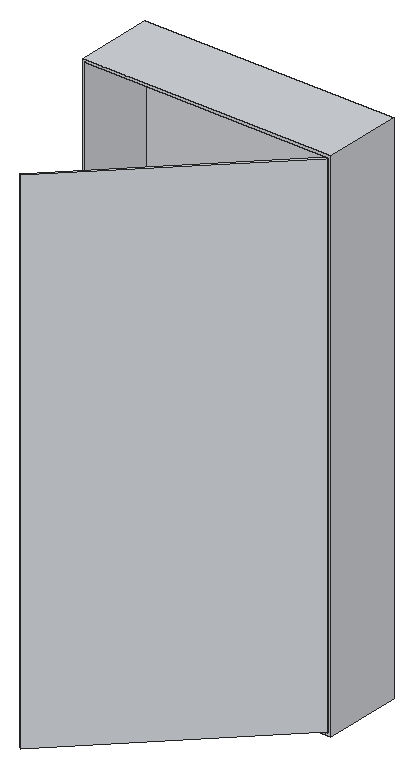
Revit family "Hager-Volta-IP30-Surface_mounted-pusty-NoHosted-PL-pl", category Electrical Equipment, Revit 2020
Family settings
  Panel Configuration = Two Columns, Circuits Across
  Round Connector Dimension = Use Diameter
  Part Type = Panelboard
  Work Plane-Based = Yes
  Always vertical = Yes
  Cut with Voids When Loaded = No
  Shared = No
  Room Calculation Point = No
Parameters (values of type "Montaż natynkowy IP30 S305 W640 G96.5 12 Jednostki dywizyjne - VA48NWP")
  Width Control [instance] = if([HG000006 - Montaż podtynkowy], if([EF000846 - Szerokość wbudowania] > min_whd, [EF000846 - Szerokość wbudowania], min_whd), if([EF000008 - Szerokość] > min_whd, ([EF000008 - Szerokość]), min_whd))  # 305 mm
  Void Depth [instance] = if([EF000218 - Głębokość wbudowania] > 1 mm, [EF000218 - Głębokość wbudowania], 1 mm)  # 1 mm
  Type Comments = [HG000003 - Zakres]  # "Volta"
  System Height [instance] = Height Control - 2 * [HG000005 - Grubość]  # 634 mm
  Panel Name [instance] = ""  # (empty or 0)
  Offset [instance] = 0 mm
  Model = [HG000004 - Referencja producenta]  # "VA48NWP"
  Level Offset [instance] = [Flush Mounted - Door Frame Width] + Offset  # 0 mm
  HG000017 - Odległość między biegunami = 18 mm
  HG000016 - Widoczność drzwi w widoku 3D [instance] = yes
  HG000015 - Przestrzeń robocza - otwarcie drzwi [instance] = no
  HG000014 - Drzwi prawe [instance] = yes
  HG000013 - Drzwi lewe [instance] = not([HG000014 - Drzwi prawe])  # no
  HG000012 - Kąt otwarcia drzwi [instance] = 45.00°
  HG000011 - Puste rzędy od dołu = no
  HG000010 - Drzwi asymetryczne = no
  HG000009 - Drzwi dwuskrzydłowe = no
  HG000008 - Liczba pustych rzędów = 0
  HG000007 - Liczba pustych kolumn = 0
  HG000006 - Montaż podtynkowy = no
  HG000005 - Grubość = 3 mm  # constant formula
  HG000004 - Referencja producenta = "VA48NWP"
  HG000003 - Zakres = "Volta"
  HG000002 - Z drzwiami lub pokrywą = yes
  HG000001 - Liczba kolumn = 0
  EF015941 - Drzwi przepuszczające sygnał = no
  EF015777 - Listwa zaciskowa przewodu neutralnego = no
  EF015776 - Listwa zaciskowa uziemienia = no
  EF009212 - Wykonanie pokrywy = ""
  EF006306 - Z zamkiem = no
  EF006244 - Transparentna pokrywa/drzwi = no
  EF005474 - Stopień ochrony (IP) = "EV006410 - IP30"
  EF004462 - Rodzaj zamknięcia = ""
  EF002950 - Szerokość wyrażona liczbą modułów = 12
  EF001596 - Materiał obudowy = ""
  EF001134 - Szyna DIN = no
  EF001131 - Głębokość wewnętrzna = 0 mm
  EF001088 - Możliwość rozbudowy = no
  EF001062 - Wykonane zgodnie z Dyrektywą Kompatybilności Elektromagnetycznej EMC = no
  EF000846 - Szerokość wbudowania = 0 mm
  EF000339 - Rodzaj pokrywy = ""
  EF000332 - Wysokość wbudowania = 0 mm
  EF000266 - Liczba rzędów = 0
  EF000218 - Głębokość wbudowania = 0 mm
  EF000118 - Z płytą montażową = yes
  EF000116 - Numer RAL = "9010"
  EF000049 - Głębokość = 96 mm
  EF000040 - Wysokość = 640 mm
  EF000008 - Szerokość = 305 mm
  EF000007 - Kolor = ""
  EF000003 - Sposób montażu = "EV000384 - Montaż natynkowy"
  Description = ""
  Default Elevation = 1219.2 mm
  Arrow Offset [instance] = Depth Control / 8  # 12 mm
  Arrow Height [instance] = Depth Control - Arrow Offset  # 84 mm
  Host Offset [instance] = if([HG000006 - Montaż podtynkowy], 0 mm, [EF000049 - Głębokość])  # 96 mm
  min_whd [instance] = (2 * [HG000005 - Grubość]) + 1 mm  # 7 mm
  Manufacturer = "Hager"  # constant formula
  Height Control [instance] = if([HG000006 - Montaż podtynkowy], if([EF000332 - Wysokość wbudowania] > min_whd, [EF000332 - Wysokość wbudowania], min_whd), if([EF000040 - Wysokość] > min_whd, ([EF000040 - Wysokość]), min_whd))  # 640 mm
  Flush Mounted - Door Frame Width [instance] = if(([EF000040 - Wysokość] - [EF000332 - Wysokość wbudowania]) > 0 mm, if([HG000006 - Montaż podtynkowy], [EF000040 - Wysokość] - [EF000332 - Wysokość wbudowania], 0 mm), 0 mm)  # 0 mm
  Depth Control [instance] = if([HG000006 - Montaż podtynkowy], if([EF000218 - Głębokość wbudowania] > 0 mm, [EF000218 - Głębokość wbudowania], 1 mm), if([EF000049 - Głębokość] > 0 mm, ([EF000049 - Głębokość]), 1 mm))  # 96 mm
Types (4, lengths in mm): name | System Height | Model | HG000004 - Referencja producenta | EF009212 - Wykonanie pokrywy | EF004462 - Rodzaj zamknięcia | EF001596 - Materiał obudowy | EF001134 - Szyna DIN | EF001131 - Głębokość wewnętrzna | EF001088 - Możliwość rozbudowy | EF000339 - Rodzaj pokrywy | EF000266 - Liczba rzędów | EF000040 - Wysokość | EF000007 - Kolor | Height Control
  Montaż natynkowy IP30 S305 W515 G96.5 12 Jednostki dywizyjne - VA36NWB | 509 | "VA36NWB" | "VA36NWB" | "EV009916 - Z otworem" | "EV000154 - Inne" | "" | no | 0 | yes | "EV004216 - Drzwi" | 0 | 515 | "" | 515
  Montaż natynkowy IP30 S305 W515 G96.5 12 Jednostki dywizyjne - VA36NWP | 509 | "VA36NWP" | "VA36NWP" | "EV009916 - Z otworem" | "EV000154 - Inne" | "EV000154 - Inne" | yes | 92 | yes | "EV004216 - Drzwi" | 3 | 515 | "EV000202 - Biały" | 515
  Montaż natynkowy IP30 S305 W640 G96.5 12 Jednostki dywizyjne - VA48NWB | 634 | "VA48NWB" | "VA48NWB" | "EV009916 - Z otworem" | "EV000154 - Inne" | "" | no | 0 | yes | "EV004216 - Drzwi" | 0 | 640 | "" | 640
  Montaż natynkowy IP30 S305 W640 G96.5 12 Jednostki dywizyjne - VA48NWP | 634 | "VA48NWP" | "VA48NWP" | "" | "" | "" | no | 0 | no | "" | 0 | 640 | "" | 640
Reference planes
  plane 1 "Center (Front/Back)": y = 0
  plane 2: z = 0
  plane 3 "Center (Left/Right)": x = 0
  plane 4: y = 3
  plane 5: y = 0
  plane 6: y = 0
  plane 7: z = 0
  plane 8: x = -152.5
  plane 9: x = 152.5
  plane 10: x = 149.5
  plane 11: x = -149.5
  plane 12: z = 0
  plane 13: z = 3
  plane 14: y = -91
  plane 15: y = -96
  plane 16: y = -3
  plane 17: z = 637
  plane 18: z = 640
  plane 19: z = 320
  plane 20: x = 0
  plane 21: y = -100
Forms (mm)
  Extrusion 1, solid
    sketch origin (-208.679, -4572, 0) x (-1, 0, 0) y (0, -1, 0)
      loop
        line (-56.179, -4476) -> (-361.179, -4476) -> (-361.179, -4572) -> (-56.179, -4572) -> (-56.179, -4476)
    from 0 to 640 <- "Height Control"
  Extrusion 2, void
    sketch origin (-350.771, -96, 1219.2) x (1, 0, 0) y (0, 0, 1)
      loop
        line (201.271, -582.2) -> (201.271, -1216.2) -> (500.271, -1216.2) -> (500.271, -582.2) -> (201.271, -582.2)
    from 0 to -93
  Extrusion 3, solid, detail levels coarse+medium
    sketch origin (-350.771, -96, 1219.2) x (-1, 0, 0) y (0, 0, 1)
      loop
        line (-201.271, -582.2) -> (-500.271, -582.2) -> (-500.271, -1216.2) -> (-201.271, -1216.2) -> (-201.271, -582.2)
    from 0 to 3 <- "HG000005 - Grubość"
Cuts and joins
  Extrusion 2 cuts Extrusion 1
Dimensions and locks
  "Flush Mounted - Door Frame Width": plane 1 "Center (Front/Back)" to plane 6
  "HG000005 - Grubość": plane 4 to plane 6
  "HG000005 - Grubość": plane 8 to plane 11
  "HG000005 - Grubość": plane 9 to plane 10
  equal spacing: plane 8, plane 3 "Center (Left/Right)", plane 9
  "Width Control": plane 8 to plane 9
  locked: plane 14 to plane 15 at 5
  "Host Offset": plane 1 "Center (Front/Back)" to plane 15
  "Depth Control": plane 5 to plane 15
  "HG000005 - Grubość": plane 5 to plane 16
  "HG000005 - Grubość": plane 13 to plane 12
  "Level Offset": plane 12 to level
  "HG000005 - Grubość": plane 18 to plane 17
  "Height Control": plane 18 to plane 12
  "Arrow Offset": plane 5 to nested 4
  equal spacing: plane 18, plane 19, plane 12
  locked: connector elem to plane 19
  locked: connector elem to plane 3 "Center (Left/Right)"
  aligned and locked: nested 1 to plane 14
  aligned and locked: plane 3 "Center (Left/Right)" to nested 1
  aligned and locked: plane 3 "Center (Left/Right)" to nested 2
  aligned and locked: nested 2 to plane 15
  aligned and locked: plane 5 to Extrusion 1
  aligned and locked: Extrusion 3 sketch curve to plane 17
  aligned and locked: Extrusion 3 sketch curve to plane 11
  aligned and locked: plane 13 to Extrusion 3 sketch curve
  aligned and locked: Extrusion 3 sketch curve to plane 10
  aligned and locked: plane 13 to Extrusion 2 sketch curve
  aligned and locked: Extrusion 2 sketch curve to plane 10
  aligned and locked: Extrusion 2 sketch curve to plane 17
  aligned and locked: Extrusion 2 sketch curve to plane 11
  aligned and locked: plane 16 to Extrusion 2
  aligned and locked: plane 5 to Extrusion 1 sketch curve
  aligned and locked: plane 9 to Extrusion 1 sketch curve
  aligned and locked: plane 8 to Extrusion 1 sketch curve
  aligned and locked: plane 8 to nested 4
  aligned and locked: plane 8 to nested 3
  aligned and locked: nested 3 to plane 5
  aligned and locked: Extrusion 1 sketch curve to plane 15
  aligned and locked: Extrusion 2 to plane 15
Nested families
  nested 1: "Hager_Enclosure_System" at (0, -91, 3), Flush_Mounted <- "HG000006 - Montaż podtynkowy", Width <- "EF000008 - Szerokość", Height <- "System Height", Width_Control <- "Width Control", Row_Module_Multiplicator <- "EF002950 - Szerokość wyrażona liczbą modułów", Empty_Columns <- "HG000007 - Liczba pustych kolumn", Built-in_Width <- "EF000846 - Szerokość wbudowania", Border <- "HG000005 - Grubość", Total_No_Empty_Rows <- "HG000008 - Liczba pustych rzędów", Depth <- "HG000005 - Grubość", Empty_Rows_From_Bottom <- "HG000011 - Puste rzędy od dołu", Distance_Between_Poles <- "HG000017 - Odległość między biegunami", Rows_Count <- "EF000266 - Liczba rzędów", Columns_Count <- "HG000001 - Liczba kolumn", type "Hager_Enclosure_System", detail levels medium+fine
    with Width_Control 305 mm, Width 305 mm, Total_No_Rows 0, Total_No_Empty_Rows 0, Total_No_Columns 1, System_Width 299 mm, Rows_Count 0, Rows_Column 0, Row_Module_Multiplicator 12, Panel_4 no, Panel_3 no, Panel_2 no, Panel_1 no, No_Panels_Ctrl 1, Hide_Columns yes, Height 634 mm, Flush_Mounted no, Empty_Rows_From_Bottom no, Empty_Rows_Column 0, Empty_Columns 0, Distance_Between_Poles 18 mm, Depth 3 mm, Columns_Count 0, Column_Width 299 mm, Built-in_Width 0 mm, Border 3 mm
  nested 2: "Hager_Enclosure_Door" at (0, -96, 0), Double <- "HG000009 - Drzwi dwuskrzydłowe", Height_Ctrl <- "Height Control", Transparent <- "EF006244 - Transparentna pokrywa/drzwi", Depth <- "EF000049 - Głębokość", Height <- "EF000040 - Wysokość", Angle <- "HG000012 - Kąt otwarcia drzwi", Door_Right <- "HG000014 - Drzwi prawe", Assymetrical <- "HG000010 - Drzwi asymetryczne", Flush_Mounted <- "HG000006 - Montaż podtynkowy", BuiltIn_Depth <- "EF000218 - Głębokość wbudowania", BuiltIn_Width <- "EF000846 - Szerokość wbudowania", Door <- "HG000002 - Z drzwiami lub pokrywą", Width_Ctrl <- "Width Control", 3d_Door <- "HG000016 - Widoczność drzwi w widoku 3D", Width <- "EF000008 - Szerokość", Border <- "HG000005 - Grubość", BuiltIn_Height <- "EF000332 - Wysokość wbudowania", Clearance <- "HG000015 - Przestrzeń robocza - otwarcie drzwi", Door_Left <- "HG000013 - Drzwi lewe", type "Hager_Enclosure_Door", detail levels medium+fine
    with min_wh 7 mm, Width_Ctrl 305 mm, Width 305 mm, Transparent_Door_No_Bottom_Border no, Transparent no, Leaf_Width 296 mm, Leaf_Tolerance 1.5 mm, Leaf_Height 631 mm, Leaf_2_Width 296 mm, Leaf_2_Offset 148 mm, Leaf_1_Width 296 mm, Leaf_1_Offset 148 mm, Height_Ctrl 640 mm, Height 640 mm, Frame_Width_Ctrl 305 mm, Frame_Width 305 mm, Frame_Internal_Offset 0 mm, Frame_Height_Ctrl 640 mm, Frame_Height 640 mm, Frame_Depth_Ctrl 1 mm, Frame_Depth 0 mm, Flush_Mounted no, Double_Clearance_Ctrl no, Double no, Door_Right_Ctrl yes, Door_Right yes, Door_Left_Ctrl no, Door_Left no, Door yes, Depth 96 mm, Clearance_Depth 296 mm, Clearance_Ctrl no, Clearance no, BuiltIn_Width 0 mm, BuiltIn_Height 0 mm, BuiltIn_Depth 0 mm, Border 3 mm, Assymetrical no, Angle 45.00°, 3d_Door yes
  nested 3: "Hager_Enclosure_Symbol_Triangle" at (-152.5, 0, 0), Depth <- "Depth Control", Width <- "Width Control", type "Hager_Enclosure_Symbol_Triangle"
    with Width_Ctrl 305 mm, Width 305 mm, Depth_Ctrl 96 mm, Depth 96 mm
  nested 4: "Hager_Enclosure_Symbol_Arrow" at (-152.5, -12, 0), Height <- "Arrow Height", type "Hager_Enclosure_Symbol_Arrow"
    with Width_Inside 6.3 mm, Width 75.6 mm, Height_Ctrl 84 mm, Height 84 mm
Connectors
  electrical at (0, 0, 320)
    settings: on plane 5, index 1, voltage 0 V, apparent load 0 VA, apparent load phase1 0 VA, apparent load phase2 0 VA, apparent load phase3 0 VA, power factor 1, load classification "Other", number of poles 1, system type 30, power factor state 1, is connector primary yes, connector utility no, sub classification motor no, connector description ""
Definition of nested family "Hager_Enclosure_Door"
  Parameters (values of type "Hager_Enclosure_Door")
    min_wh [instance] = (2 * Border) + 1 mm  # 11 mm
    Width_Ctrl [instance] = 400 mm
    Width [instance] = 500 mm
    Transparent_Door_No_Bottom_Border [instance] = no
    Transparent [instance] = yes
    Leaf_Width [instance] = if((Width_Ctrl - 2 * Border - 2 * Leaf_Tolerance) > 0 mm, (Width_Ctrl - 2 * Border - 2 * Leaf_Tolerance), min_wh)  # 387 mm
    Leaf_Tolerance [instance] = 1.5 mm  # constant formula
    Leaf_Height [instance] = if((Height_Ctrl - 2 * Border - 2 * Leaf_Tolerance) > 0 mm, (Height_Ctrl - 2 * Border - 2 * Leaf_Tolerance), min_wh)  # 387 mm
    Leaf_2_Width [instance] = if(and(and(Double, Assymetrical), Door_Left), (Leaf_Width / 3) - (Leaf_Tolerance / 2), if(and(and(Double, Assymetrical), Door_Right), (Leaf_Width / 3) * 2 - (Leaf_Tolerance / 2), if(and(Double, not(Assymetrical)), (Leaf_Width / 2) - Leaf_Tolerance, Leaf_Width)))  # 387 mm
    Leaf_2_Offset [instance] = if(and(Double, Assymetrical), Leaf_2_Width / 2, if(and(Double, not(Assymetrical)), Leaf_Width / 4, Leaf_Width / 2))  # 193.5 mm
    Leaf_1_Width [instance] = if(and(and(Double, Assymetrical), Door_Right), (Leaf_Width / 3) - (Leaf_Tolerance / 2), if(and(and(Double, Assymetrical), Door_Left), (Width / 3) * 2 - (Leaf_Tolerance / 2), if(and(Double, not(Assymetrical)), (Leaf_Width / 2) - Leaf_Tolerance, Leaf_Width)))  # 387 mm
    Leaf_1_Offset [instance] = if(and(Double, Assymetrical), Leaf_1_Width / 2, if(and(Double, not(Assymetrical)), Leaf_Width / 4, Leaf_Width / 2))  # 193.5 mm
    Height_Ctrl [instance] = 400 mm
    Height [instance] = 500 mm
    Frame_Width_Ctrl [instance] = if(Frame_Width > 0 mm, Frame_Width, 1 mm)  # 1 mm
    Frame_Width [instance] = Width - BuiltIn_Width  # 0 mm
    Frame_Internal_Offset [instance] = if(Flush_Mounted, Border, 0 mm)  # 5 mm
    Frame_Height_Ctrl [instance] = if(Frame_Height > 0 mm, Frame_Height, 1 mm)  # 1 mm
    Frame_Height [instance] = Height - BuiltIn_Height  # 0 mm
    Frame_Depth_Ctrl [instance] = if(Frame_Depth > 0 mm, Frame_Depth, 1 mm)  # 1 mm
    Frame_Depth [instance] = if(Depth - BuiltIn_Depth > 0 mm, if(Flush_Mounted, Depth - BuiltIn_Depth, 0 mm), 0 mm)  # 0 mm
    Flush_Mounted [instance] = yes
    Double_Clearance_Ctrl [instance] = and(Double, Clearance)  # no
    Double [instance] = no
    Door_Right_Ctrl [instance] = and(or(Door_Right, Double), Door)  # yes
    Door_Right [instance] = yes
    Door_Left_Ctrl [instance] = and(or(Door_Left, Double), Door)  # no
    Door_Left [instance] = no
    Door [instance] = yes
    Depth [instance] = 500 mm
    Default Elevation = 1219.2 mm
    Clearance_Material = none
    Clearance_Depth [instance] = if(Leaf_1_Width > Leaf_2_Width, Leaf_1_Width, Leaf_2_Width)  # 387 mm
    Clearance_Ctrl [instance] = and(not(Double), Clearance)  # yes
    Clearance [instance] = yes
    BuiltIn_Width [instance] = 500 mm
    BuiltIn_Height [instance] = 500 mm
    BuiltIn_Depth [instance] = 500 mm
    Border [instance] = 5 mm
    Assymetrical [instance] = yes
    Angle [instance] = 30.00°
    3d_Door [instance] = yes
  Reference planes
    plane 1 "Center (Front/Back)": y = 0
    plane 2 "Bottom": z = 0
    plane 3 "Center (Left/Right)": x = 0
    plane 4: z = 400
    plane 5: x = -200
    plane 6: x = 200
    plane 7: z = 395
    plane 8: x = -195
    plane 9: z = 5
    plane 10: x = 195
    plane 11: y = 0
    plane 12: z = 6.5
    plane 13: x = -582
    plane 14: y = -387
    plane 15: x = 582
    plane 16: x = 0
    plane 17: x = 0
    plane 18: x = -193.5
    plane 19: x = 193.5
    plane 20: z = 393.5
  Forms (mm)
    Extrusion 1, solid, visible <- "Flush_Mounted"
      sketch origin (0, 0, 0) x (1, 0, 0) y (0, 0, 1)
        loop
          line (195, 5) -> (195, 395) -> (-195, 395) -> (-195, 5) -> (195, 5)
        loop
          line (-201, 401) -> (-201, -1) -> (201, -1) -> (201, 401) -> (-201, 401)
      from 0 to 1 <- "Frame_Depth_Ctrl"
    Extrusion 2, solid, material <- "Clearance_Material", visible <- "Double_Clearance_Ctrl"
      sketch origin (1200, 0, 0) x (1, 0, 0) y (0, 0, -1)
        loop
          line (-1782, -393.5) -> (-618, -393.5) -> (-618, 0) -> (-1782, 0) -> (-1782, -393.5)
      from 0 to -387
  Dimensions and locks
    equal spacing: plane 5, plane 3 "Center (Left/Right)", plane 6
    "Width_Ctrl": plane 5 to plane 6
    "Border": plane 5 to plane 8
    "Border": plane 6 to plane 10
    "Border": plane 9 to level
    "Border": plane 4 to plane 7
    "Height_Ctrl": plane 4 to level
    "Leaf_Tolerance": plane 12 to plane 9
    "Frame_Depth": plane 11 to plane 1 "Center (Front/Back)"
    "Frame_Width_Ctrl": plane 5 to Extrusion 1 sketch curve
    "Frame_Width_Ctrl": plane 6 to Extrusion 1 sketch curve
    "Frame_Width_Ctrl": Extrusion 1 sketch curve to plane 4
    "Frame_Width_Ctrl": plane 2 "Bottom" to Extrusion 1 sketch curve
    "Leaf_1_Offset": plane 18 to plane 16
    "Leaf_2_Offset": plane 17 to plane 19
    "Leaf_1_Width": plane 13 to plane 8
    "Leaf_2_Width": plane 10 to plane 15
    "Clearance_Depth": plane 14 to plane 1 "Center (Front/Back)"
    "Leaf_Tolerance": plane 8 to plane 18
    "Leaf_Tolerance": plane 19 to plane 10
    "Leaf_Tolerance": plane 7 to plane 20
    "Frame_Internal_Offset": plane 5 to Extrusion 1 sketch curve
    "Frame_Internal_Offset": Extrusion 1 sketch curve to plane 2 "Bottom"
    "Frame_Internal_Offset": plane 6 to Extrusion 1 sketch curve
    "Frame_Internal_Offset": plane 4 to Extrusion 1 sketch curve
    aligned and locked: level to plane 2 "Bottom"
    aligned and locked: nested 1 to plane 16
    aligned and locked: nested 2 to plane 17
    aligned and locked: Extrusion 2 to plane 13
    aligned and locked: plane 15 to Extrusion 2
    aligned and locked: Extrusion 2 to plane 14
    aligned and locked: plane 12 to nested 1
    aligned and locked: nested 2 to plane 12
    aligned and locked: Extrusion 2 to plane 11
    aligned and locked: plane 20 to Extrusion 2
    aligned and locked: nested 2 to plane 11
    aligned and locked: nested 1 to plane 11
  Automatic sketch dimensions
    Extrusion 2 sketch curve to level = 0 mm
    plane 5 to Extrusion 2 sketch curve = 382 mm
    plane 6 to Extrusion 2 sketch curve = 382 mm
    Extrusion 2 sketch curve to plane 4 = 6.5 mm
  Nested families
    nested 1: "Hager_Enclosure_Door_Leaf" at (0, 0, 6.5), Width <- "Leaf_1_Width", visible <- "Door_Left_Ctrl", Leaf_Height <- "Leaf_Height", Angle <- "Angle", Depth <- "Border", 3d_Door <- "3d_Door", Transparent <- "Transparent", Clearance Material <- "Clearance_Material", Clearance <- "Clearance_Ctrl", Transparent_Door_No_Bottom_Border <- "Transparent_Door_No_Bottom_Border", type "Hager_Enclosure_Door_Leaf"
      with Width 387 mm, Transparent_Door_No_Bottom_Border no, Transparent_Door_Border_Bottom_Top 25 mm, Transparent_Door_Border 25 mm, Transparent_Ctrl yes, Transparent yes, Standard no, Leaf_Height 387 mm, Glass_Offset 1 mm, Depth 5 mm, Clearance Material none, Clearance yes, Angle_Ctrl 30.00°, Angle 30.00°, 3d_Door yes
    nested 2: "Hager_Enclosure_Door_Leaf" at (0, 0, 6.5) x (-1, 0, 0) z (0, 0, 1), Width <- "Leaf_2_Width", visible <- "Door_Right_Ctrl", Leaf_Height <- "Leaf_Height", Angle <- "Angle", Depth <- "Border", 3d_Door <- "3d_Door", Transparent <- "Transparent", Clearance Material <- "Clearance_Material", Clearance <- "Clearance_Ctrl", Transparent_Door_No_Bottom_Border <- "Transparent_Door_No_Bottom_Border", type "Hager_Enclosure_Door_Leaf"
      with Width 387 mm, Transparent_Door_No_Bottom_Border no, Transparent_Door_Border_Bottom_Top 25 mm, Transparent_Door_Border 25 mm, Transparent_Ctrl yes, Transparent yes, Standard no, Leaf_Height 387 mm, Glass_Offset 1 mm, Depth 5 mm, Clearance Material none, Clearance yes, Angle_Ctrl 30.00°, Angle 30.00°, 3d_Door yes
  Definition of nested family "Hager_Enclosure_Door_Leaf"
    Parameters (values of type "Hager_Enclosure_Door_Leaf")
      Width [instance] = 2000 mm
      Transparent_Door_No_Bottom_Border [instance] = yes
      Transparent_Door_Border_Bottom_Top [instance] = if(Transparent_Door_No_Bottom_Border, 0.1 mm, Transparent_Door_Border)  # 0.1 mm
      Transparent_Door_Border [instance] = if(Transparent_Door_No_Bottom_Border, (Width * 0.12), 25 mm)  # 240 mm
      Transparent_Ctrl [instance] = and(Transparent, [3d_Door])  # yes
      Transparent [instance] = yes
      Standard [instance] = and(not(Transparent), [3d_Door])  # no
      Leaf_Height [instance] = 2720.336 mm
      Glass_Offset [instance] = if((Depth - 10 mm) / 2 > 0 mm, (Depth - 10 mm) / 2, 1 mm)  # 15 mm
      Glass_Material = none
      Depth [instance] = 40 mm
      Default Elevation = 0 mm
      Clearance Material [instance] = none
      Clearance [instance] = yes
      Angle_Ctrl [instance] = if(Angle > 170.00°, 170.00°, Angle)  # 45.00°
      Angle [instance] = 45.00°
      3d_Door [instance] = yes
    Reference planes
      plane 1 "Center (Front/Back)": y = 0
      plane 2: z = 0
      plane 3 "Center (Left/Right)": x = 0
      plane 4: y = 2000
      plane 5: x = -1000
      plane 6: x = 1000
      plane 7: x = -3000
      plane 8: z = 2720.336
      plane 9: z = 0.1
      plane 10: z = 2720.236
      plane 11: x = 760
      plane 12: x = -760
    Forms (mm)
      Extrusion 1, solid, material <- "Clearance Material", visible <- "Clearance"
        sketch origin (0, 0, 0) x (1, 0, 0) y (0, 0, 1)
          loop
            line (-3000, 2720.336) -> (-3000, 0) -> (1000, 0) -> (1000, 2720.336) -> (-3000, 2720.336)
        from 0 to -2000
      Extrusion 2, solid, visible <- "Standard", detail levels medium+fine
        sketch origin (-1000, 0, 0) x (0.707107, 0.707107, 0) y (-0.707107, 0.707107, 0)
          loop
            line (0, -40) -> (2000, -40) -> (2000, 0) -> (0, 0) -> (0, -40)
        from 0 to 2720.336 <- "Leaf_Height"
      Extrusion 3, solid, visible <- "Transparent_Ctrl", detail levels medium+fine
        sketch origin (-1000, 0, 0) x (0.707107, 0.707107, 0) y (-0.707107, 0.707107, 0)
          loop
            line (0, -40) -> (2000, -40) -> (2000, 0) -> (0, 0) -> (0, -40)
        from 0 to 2720.336 <- "Leaf_Height"
      Extrusion 4, void, detail levels medium+fine
        sketch origin (-1000, 0, 0) x (-0.707107, 0.707107, 0) y (0.707107, 0.707107, 0)
          loop
            line (0, 240) -> (0, 1760) -> (-40, 1760) -> (-40, 240) -> (0, 240)
        from -2720.236 to -0.1
      Extrusion 5, solid, material <- "Glass_Material", visible <- "Transparent_Ctrl", detail levels medium+fine
        sketch origin (-1000, 0, 0) x (0.707107, 0.707107, 0) y (-0.707107, 0.707107, 0)
          loop
            line (240, -15) -> (240, -25) -> (1760, -25) -> (1760, -15) -> (240, -15)
        from 0.1 to 2720.236
    Cuts and joins
      Extrusion 4 cuts Extrusion 3
    Lines and regions (mm)
      symbolic lines
        curve 1: line (1000, 0, 0) -> (-3000, 0, 0)
        curve 2: arc (1000, 0, 0) -> (-1000, 2000, 0) -> (-3000, 0, 0) r 2000
        curve 4: line (-1000, 0, 0) -> (414.214, 1414.214, 0)
      reference lines
        curve 3: line (-1000, 0, 0) -> (414.214, 1414.214, 0)
      symbolic lines, detail levels medium+fine
        curve 5: line (414.214, 1414.214, 0) -> (442.498, 1385.929, 0)
        curve 6: line (442.498, 1385.929, 0) -> (-971.716, -28.284, 0)
        curve 7: line (-971.716, -28.284, 0) -> (-1000, 0, 0)
        curve 8: line (-1000, 0, 2720.336) -> (1000, 0, 2720.336)
        curve 9: line (-1000, 0, 0) -> (-1000, 0, 2720.336)
        curve 10: line (1000, 0, 0) -> (-1000, 0, 0)
        curve 11: line (1000, 0, 2720.336) -> (1000, 0, 0)
      symbolic lines, visible <- "Transparent_Ctrl", detail levels medium+fine
        curve 12: line (-760, 0, 2720.236) -> (760, 0, 2720.236)
        curve 13: line (-760, 0, 0.1) -> (-760, 0, 2720.236)
        curve 14: line (760, 0, 0.1) -> (-760, 0, 0.1)
        curve 15: line (760, 0, 2720.236) -> (760, 0, 0.1)
    Dimensions and locks
      "Width": plane 1 "Center (Front/Back)" to plane 4
      equal spacing: plane 5, plane 3 "Center (Left/Right)", plane 6
      "Width": plane 5 to plane 6
      "Width": plane 7 to plane 5
      "Leaf_Height": plane 8 to level
      "Depth": curve 6 to curve 3
      "Width": curve 5 to curve 3
      "Width": curve 3 to curve 3
      "Transparent_Door_Border": Extrusion 4 sketch curve to curve 7
      "Transparent_Door_Border": Extrusion 4 sketch curve to curve 5
      "Transparent_Door_Border_Bottom_Top": plane 8 to plane 10
      "Transparent_Door_Border_Bottom_Top": plane 9 to level
      "Glass_Offset": Extrusion 5 sketch curve to curve 4
      "Glass_Offset": Extrusion 5 sketch curve to curve 6
      "Transparent_Door_Border": Extrusion 5 sketch curve to curve 5
      "Transparent_Door_Border": Extrusion 5 sketch curve to curve 7
      "Transparent_Door_Border": plane 12 to plane 5
      "Transparent_Door_Border": plane 6 to plane 11
      "Angle_Ctrl": angle plane 1 "Center (Front/Back)" to curve 3
      aligned and locked: level to plane 2
      aligned and locked: Extrusion 1 to curve 1
      aligned and locked: plane 6 to Extrusion 1
      aligned and locked: Extrusion 1 to plane 1 "Center (Front/Back)"
      aligned and locked: plane 4 to Extrusion 1
      aligned and locked: plane 8 to Extrusion 1
      aligned and locked: curve 4 to curve 3
      aligned and locked: Extrusion 2 sketch curve to curve 7
      aligned and locked: Extrusion 2 sketch curve to curve 6
      aligned and locked: Extrusion 2 sketch curve to curve 5
      aligned and locked: Extrusion 2 sketch curve to curve 3
      aligned and locked: curve 7 to Extrusion 3 sketch curve
      aligned and locked: Extrusion 3 sketch curve to curve 4
      aligned and locked: Extrusion 3 sketch curve to curve 6
      aligned and locked: Extrusion 3 sketch curve to curve 5
      aligned and locked: curve 4 to Extrusion 4 sketch curve
      aligned and locked: curve 6 to Extrusion 4 sketch curve
      aligned and locked: Extrusion 4 to plane 9
      aligned and locked: Extrusion 4 to plane 10
      aligned and locked: Extrusion 5 to plane 9
      aligned and locked: Extrusion 5 to plane 10
      aligned and locked: curve 8 to plane 8
      aligned and locked: plane 5 to curve 9
      aligned and locked: plane 2 to curve 10
      aligned and locked: curve 11 to plane 6
      aligned and locked: plane 10 to curve 12
      aligned and locked: plane 12 to curve 13
      aligned and locked: curve 14 to plane 9
      aligned and locked: plane 11 to curve 15
    Automatic sketch dimensions
      plane 1 "Center (Front/Back)" to curve 2 = 0 mm
      curve 2 to plane 5 = 0 mm
      Extrusion 1 sketch curve to level = 0 mm
      Extrusion 1 sketch curve to plane 7 = 0 mm
      Extrusion 1 sketch curve to plane 6 = 0 mm
      Extrusion 1 sketch curve to plane 8 = 0 mm
      plane 1 "Center (Front/Back)" to curve 3 = 0 mm
      curve 3 to plane 5 = 0 mm
      curve 7 to curve 3 = 0 mm
Definition of nested family "Hager_Enclosure_Symbol_Triangle"
  Parameters (values of type "Hager_Enclosure_Symbol_Triangle")
    Width_Ctrl [instance] = if(Width > 1 mm, Width, 1 mm)  # 498 mm
    Width [instance] = 498 mm
    Depth_Ctrl [instance] = if(Depth > 1 mm, Depth, 1 mm)  # 72 mm
    Depth [instance] = 72 mm
  Reference planes
    plane 1 "Centre (avant/arrière)": y = 0
    plane 2: z = 0
    plane 3 "Centre (gauche/droite)": x = 0
  Lines and regions (mm)
    Filled region 1, type "Solid_Black", in view "Niveau de réf."
      outline origin (0, 0, 0) x (1, 0, 0) y (0, 1, 0)
        loop
          line (0, 0) -> (498, 0) -> (498, 72) -> (0, 0)
    reference lines, in view "Niveau de réf."
      curve 1: line (-206.153, 72, 0) -> (1083.258, 72, 0)
      curve 2: line (498, 405.456, 0) -> (498, -517.619, 0)
  Dimensions and locks
    "Depth_Ctrl": plane 1 "Centre (avant/arrière)" to curve 1
    "Width_Ctrl": plane 3 "Centre (gauche/droite)" to curve 2
    aligned and locked: curve 1 to Filled region 1 sketch curve
    aligned and locked: Filled region 1 sketch curve to plane 1 "Centre (avant/arrière)"
    aligned and locked: curve 2 to Filled region 1 sketch curve
    aligned and locked: plane 3 "Centre (gauche/droite)" to Filled region 1 sketch curve
    aligned and locked: plane 1 "Centre (avant/arrière)" to Filled region 1 sketch curve
  Automatic sketch dimensions
    curve 1 to plane 3 "Centre (gauche/droite)" = 206.153 mm
    curve 2 to curve 1 = 585.258 mm
    plane 1 "Centre (avant/arrière)" to curve 2 = 517.619 mm
    curve 2 to plane 1 "Centre (avant/arrière)" = 405.456 mm
Definition of nested family "Hager_Enclosure_Symbol_Arrow"
  Parameters (values of type "Hager_Enclosure_Symbol_Arrow")
    Width_Inside [instance] = if(Width / 12 > 2 mm, Width / 12, 2 mm)  # 4.987 mm
    Width [instance] = if(Height_Ctrl * 0.9 > 2 mm, Height_Ctrl * 0.9, 2 mm)  # 59.85 mm
    Height_Ctrl [instance] = if(Height > 2 mm, Height, 2 mm)  # 66.5 mm
    Height [instance] = 66.5 mm
  Reference planes
    plane 1 "Centre (avant/arrière)": y = 0
    plane 2: z = 0
    plane 3 "Centre (gauche/droite)": x = 0
    plane 4: x = 59.85
    plane 5: y = 28.263
    plane 6: y = 38.238
    plane 7: y = 66.5
    plane 8: x = 29.925
    plane 9: y = 33.25
  Lines and regions (mm)
    Filled region 1, type "Solid_Black", in view "Niveau de réf."
      outline origin (0, 0, 0) x (1, 0, 0) y (0, 1, 0)
        loop
          line (59.85, 66.5) -> (37.929, 52.827) -> (51.846, 41.935) -> (59.85, 66.5)
    detail lines, in view "Niveau de réf."
      curve 1: line (0, 0, 0) -> (29.925, 38.238, 0)
      curve 2: line (29.925, 38.238, 0) -> (29.925, 28.263, 0)
      curve 3: line (29.925, 28.263, 0) -> (59.85, 66.5, 0)
  Dimensions and locks
    "Width": plane 3 "Centre (gauche/droite)" to plane 4
    "Height_Ctrl": plane 7 to plane 1 "Centre (avant/arrière)"
    equal spacing: plane 3 "Centre (gauche/droite)", plane 8, plane 4
    equal spacing: plane 7, plane 9, plane 1 "Centre (avant/arrière)"
    equal spacing: plane 6, plane 9, plane 5
    "Width_Inside": plane 6 to plane 9
    equal spacing: curve 3, Filled region 1 sketch curve, Filled region 1 sketch curve
    angle Filled region 1 sketch curve to curve 3 = 20.00°
    angle curve 3 to Filled region 1 sketch curve = 20.00°
    locked: curve 3 to Filled region 1 sketch curve (angle 90.00°)
  Automatic sketch dimensions
    plane 1 "Centre (avant/arrière)" to curve 1 = 0 mm
    curve 1 to plane 3 "Centre (gauche/droite)" = 0 mm
    curve 2 to plane 6 = 0 mm
    curve 3 to plane 8 = 0 mm
    curve 3 to plane 4 = 0 mm
    curve 2 to plane 5 = 0 mm
    curve 3 to plane 7 = 0 mm
    Filled region 1 sketch curve to plane 4 = 0 mm
    Filled region 1 sketch curve to plane 7 = 0 mm
